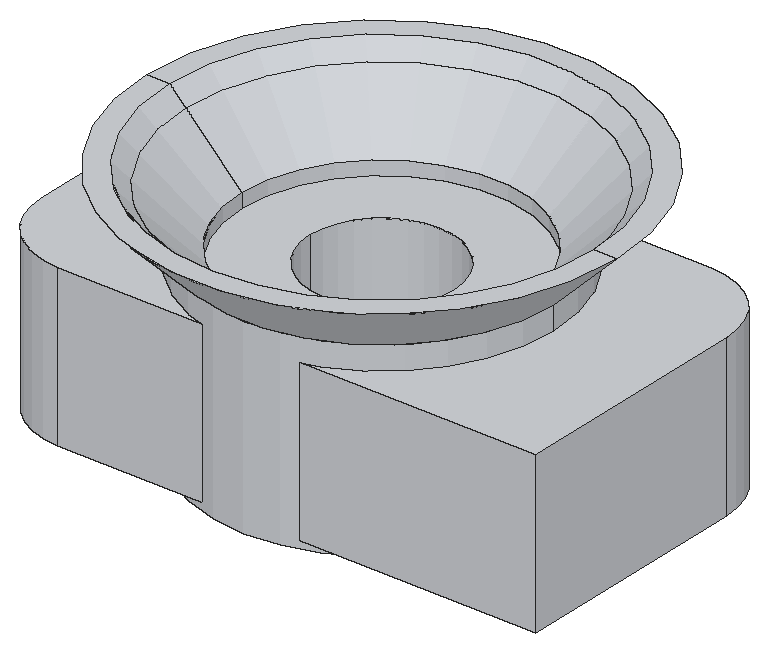
Revit family "CN12", category Generic Models, Revit 2017
Family settings
  Can host rebar = No
  Round Connector Dimension = Use Diameter
  Part Type = Normal
  Work Plane-Based = Yes
  Always vertical = No
  Cut with Voids When Loaded = No
  Shared = No
  Room Calculation Point = No
Parameters (values of type "NBS Standard Parameters")
  Weight = "0.0388Kg"
  WarrantyStartDate [instance] = "1900-12-31T23:59:59"
  WarrantyGuarantorParts = "n/a"
  WarrantyGuarantorLabor = "n/a"
  WarrantyDurationUnit = "1 year"
  WarrantyDurationParts = "n/a"
  WarrantyDurationLabor = "n/a"
  WarrantyDescription = "n/a"
  Version = "1"
  Uniclass2 = "Pr_65_70_11_19"
  TagNumber [instance] = "n/a"
  SustainabilityPerformance = "n/a"
  Size = "M12"
  Shape = "Rectangular"
  SerialNumber [instance] = "n/a"
  Revision = "n/a"
  ReplacementCost = "n/a"
  ProductInformation = "www.metpro.co.uk/pdf/cn12.pdf"
  NominalWidth = 19.5 mm
  NominalLength = 34.5 mm
  NominalHeight = 17 mm
  Name = ""
  NBSTypeID = ""
  NBSReference = "90-55-10/305"
  NBSOfficeMasterTag = ""
  NBSNote = ""
  NBSDescription = "Channel Cable Supports"
  NBSCertification = ""
  ModelReference = "CN12"
  ModelNumber = "n/a"
  Material = "Nut- Steel / Captive Assembly - Nylon 6"
  ManufacturerURL = "www.metpro.co.uk"
  ManufacturerName = "Metpro Ltd"
  Keynote = "Produced to Comply with Requirements of BS6946 Metal Channel Support  Systems"
  InstallationDate [instance] = "1900-12-31T23:59:59"
  IfcExportType = ""
  IfcExportAs = ""
  Grade = "n/a"
  Finish = "BZP -Nut Only"
  Features = "n/a"
  ExpectedLife = "n/a"
  DurationUnit = "year"
  Description = "CN12 - M12 Easyfit Channel Nut C/W Nylon Captive Assembly"
  Default Elevation = 1219.2 mm
  Constituents = "n/a"
  Color = "n/a"
  CodePerformance = "n/a"
  Category = "n/a"
  BarCode [instance] = "n/a"
  BIMObjectName = "Metpro_metprolibrary_channelcablesupports_channelspringnut_easynut"
  Author = "Metpro Limited"
  AssetType = ""
  AssetIdentifier [instance] = "n/a"
  AccessibilityPerformance = "n/a"
Reference planes
  plane 1 "Center (Front/Back)": y = 0
  plane 2: z = 0
  plane 3 "Center (Left/Right)": x = 0
Forms (mm)
  Extrusion 1, solid
    sketch origin (0, 0, 0) x (1, 0, 0) y (0, 1, 0)
      loop
        line (-17.09, 9.685) -> (-17.09, -5.315)
        arc (-17.09, -5.315) -> (-15.625, -8.851) -> (-12.09, -10.315) r 5
        line (-12.09, -10.315) -> (17.91, -10.315) -> (17.91, 4.685)
        arc (17.91, 4.685) -> (16.446, 8.22) -> (12.91, 9.685) r 5
        line (12.91, 9.685) -> (-17.09, 9.685)
      loop
        circle (0, 0) r 4.5
    from 0 to 10
  Revolve 2, solid
    sketch origin (0, 0, 0) x (1, 0, 0) y (0, 0, 1)
      loop
        line (-14.75, 15.395) -> (-10.803, 11.449) -> (-10.803, -0.489) -> (-8.8, -0.489) -> (-8.8, 10.86) -> (-12.336, 14.395) -> (-13.336, 15.395) -> (-14.75, 15.395)
      axis (0, 15.395) -> (0, -0.489)
    angle from 0 to 360
Dimensions and locks
  aligned and locked: level to plane 2
